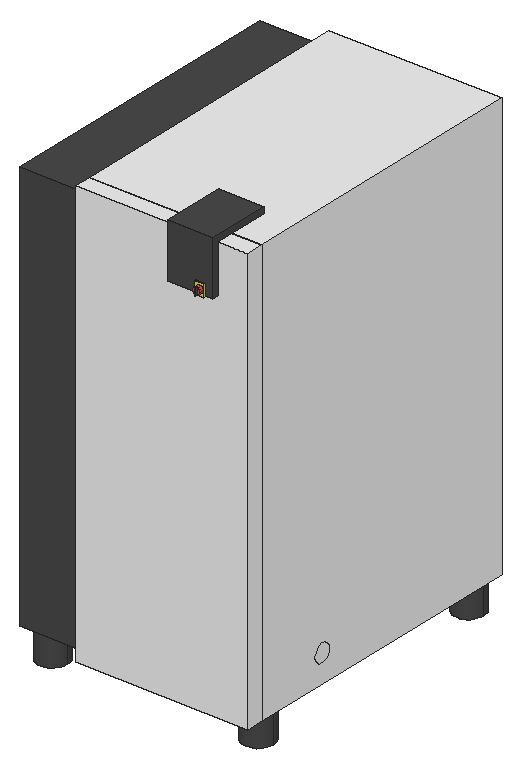
Revit family "HOSPITAIR G - MVX 4-5 - MVA 9 - MVB 12-16 - MVC 19-23", category Equipement spécialisé, Revit 2018
Family settings
  Cote de connecteur circulaire = Utiliser le diamètre
  Type d'élément = Normal
  Basée sur le plan de construction = Non
  Toujours verticalement = Oui
  Couper avec des vides une fois chargée = Non
  Partagée = Non
  Point de calcul de pièce = Non
Parameters (values of type "MVC 19")
  Zone_Maintenance_Hauteur = 0 mm
  Zone_Maintenance_Gauche = 1000 mm
  Zone_Maintenance_Droite = 1000 mm
  Zone_Maintenance_Avant = 1000 mm
  Zone_Maintenance_Arrière = 200 mm
  ZONE_MAINTENANCE = no
  TERRE = yes
  TENSION_ALIM = 400 V  # constant formula
  Rayon_Plaque_Connecteur_Sortie_Air = DIAM_REFOUL_AIR / 2  # 16 mm
  Rayon_Plaque_Connecteur_Elec = Diametre_Plaque_Connecteur_Elec / 2  # 29 mm
  Profondeur_Globale_Compresseur = 1110 mm
  PUISS_ELECT_X = 18.5 kW
  PUISS_APPARENTE_X = PUISS_ELECT_X / COS_PHI  # 20555.6 VA
  PROTEC_ELECT_X = "Disjoncteur coube D - 63 A"
  POIDS(Kg) = 505 mm
  NIVEAU_SONORE(dB(A)) = 69
  NEUTRE = no
  NBR_POLES = 3
  Modèle = "HOSPITAIR G - 11 bar - MVC 19"
  Longueur_Ecran = 190 mm
  Lien espace client = "https://www.mils.fr/en/customers-area/"
  Largeur_Porte = 570 mm
  Largeur_Globale_Compresseur = 800 mm
  Largeur_Gaine_Rejet = 646 mm
  Largeur_Ecran = 150 mm
  LONGUEUR = Profondeur_Globale_Compresseur  # 1110 mm
  LARGEUR = Largeur_Globale_Compresseur  # 800 mm
  Hauteur_Pieds = 100 mm
  Hauteur_Hors_Ecran = 1510 mm
  Hauteur_Globale_Compresseur = 1530 mm
  Hauteur_Gaine_Rejet = 262 mm
  Hauteur_Ecran = 180 mm
  Hauteur_Bouton = 1380 mm
  Hauteur_Bloc_Gaine = Hauteur_Hors_Ecran - 50 mm  # 1460 mm
  Hauteur_Bas_Ecran = Hauteur_Globale_Compresseur - Hauteur_Ecran  # 1350 mm
  HAUTEUR = Hauteur_Globale_Compresseur  # 1530 mm
  Fabricant = "MIL'S"
  FREQUENCE = 50 Hz  # constant formula
  Epaisseur_Porte = 58 mm
  Epaisseur_Plaque_Gaine = Hauteur_Bloc_Gaine - 10 mm  # 1450 mm
  Epaisseur_Gaine_Rejet = 22 mm
  Epaisseur_Ecran = 20 mm
  Entraxe_Pieds_2 = 870 mm
  Entraxe_Pieds_1 = 680 mm
  Rayon_Pieds = 50 mm
  Diametre_Plaque_Connecteur_Elec = 58 mm
  Decalage_vertical_connecteur_sortie_Air = 850 mm
  Decalage_vertical_connecteur_elec = 193 mm
  Decalage_horizontal_connecteur_sortie_Air = 56 mm
  Decalage_horizontal_connecteur_elec = 742 mm
  Decalage_Vertical_Grille_Gaine_Rejet = 32 mm
  Decalage_Pieds_Compresseur = 60 mm
  Decalage_Horizontal_Grille_Gaine_Rejet = 326 mm
  Decalage_Gaine_Bloc = Largeur_Globale_Compresseur - Largeur_Porte  # 230 mm
  Decalage_Ecran_Bord = 100 mm
  Decalage_Bouton_Bord = 110 mm
  Debit_ventilation_air = 4000.0 m³/h
  Debit_refoulement_air = 179.0 m³/h
  Debit_aspiration_air = Debit_ventilation_air + Debit_refoulement_air  # 4179.0 m³/h
  DOUBLE_ALIMENTATION = no
  DIAM_REFOUL_AIR = 32 mm
  DIAM_ASPI_AIR = 0 mm
  DESCR_VENTIL_AIR = "Ventilation Air ; 4000 m3/h ; 870 x 680 mm ;"
  DESCR_RESERV = ""
  DESCR_REFOUL = "Refoulement Air ; 179 m3/h ; G 1\"1/4 MAL"
  DESCR_ASPI = "Aspiration Air ; 4179m3/h"
  DESCR_ALIM_X = "Alimentation X ; 4G10mm²"
  DEGAG_CALORIFIQUE(kJ/h) = ""
  COS_PHI = 0.9  # constant formula
Types (8, lengths in mm): name | Zone_Maintenance_Gauche | Zone_Maintenance_Droite | Zone_Maintenance_Avant | ZONE_MAINTENANCE | Rayon_Plaque_Connecteur_Sortie_Air | Rayon_Plaque_Connecteur_Elec | Profondeur_Globale_Compresseur | PUISS_ELECT_X | PUISS_APPARENTE_X | PROTEC_ELECT_X | POIDS(Kg) | NIVEAU_SONORE(dB(A)) | Modèle | Largeur_Porte | Largeur_Globale_Compresseur | Largeur_Gaine_Rejet | LONGUEUR | LARGEUR | Hauteur_Hors_Ecran | Hauteur_Globale_Compresseur | Hauteur_Gaine_Rejet | Hauteur_Bouton | Hauteur_Bloc_Gaine | Hauteur_Bas_Ecran | HAUTEUR | Epaisseur_Porte | Epaisseur_Plaque_Gaine | Entraxe_Pieds_2 | Entraxe_Pieds_1 | Diametre_Plaque_Connecteur_Elec | Decalage_vertical_connecteur_sortie_Air | Decalage_vertical_connecteur_elec | Decalage_horizontal_connecteur_sortie_Air | Decalage_horizontal_connecteur_elec | Decalage_Vertical_Grille_Gaine_Rejet | Decalage_Horizontal_Grille_Gaine_Rejet | Decalage_Gaine_Bloc | Debit_ventilation_air | Debit_refoulement_air | Debit_aspiration_air | DIAM_REFOUL_AIR | DESCR_VENTIL_AIR | DESCR_REFOUL | DESCR_ASPI | DESCR_ALIM_X
  (no name) | 1000 | 1000 | 1000 | no | 16 | 29 | 1110 | 18.5 kW | 20555.6 VA | "Disjoncteur coube D - 63 A" | 505 | 69 | "HOSPITAIR G - 11 bar - MVC 19" | 570 | 800 | 646 | 1110 | 800 | 1510 | 1530 | 262 | 1380 | 1460 | 1350 | 1530 | 58 | 1450 | 870 | 680 | 58 | 850 | 193 | 56 | 742 | 32 | 326 | 230 | 4000.0 m³/h | 179.0 m³/h | 4179.0 m³/h | 32 | "Ventilation Air ; 4000 m3/h ; 870 x 680 mm ;" | "Refoulement Air ; 179 m3/h ; G 1\"1/4 MAL" | "Aspiration Air ; 4179m3/h" | "Alimentation X ; 4G10mm²"
  MVX 4 | 800 | 800 | 800 | no | 10 | 16.5 | 632 | 4 kW | 4444.44 VA | "Disjoncteur coube D - 16 A" | 145 | 62 | "HOSPITAIR G - 11 bar - MVX 4" | 385 | 590 | 504 | 632 | 590 | 950 | 970 | 108 | 850 | 900 | 790 | 970 | 40 | 890 | 430 | 470 | 33 | 522 | 174 | 43 | 515 | 22 | 22 | 205 | 1000.0 m³/h | 28.8 m³/h | 1028.8 m³/h | 20 | "Ventilation Air ; 1000 m3/h ;" | "Refoulement Air ; 28.8 m3/h ; G 3/4\" MAL" | "Aspiration Air ; 1028.8m3/h" | "Alimentation X ; 4G2.5mm²"
  MVX 5 | 800 | 800 | 800 | no | 10 | 16.5 | 632 | 5.5 kW | 6111.11 VA | "Disjoncteur coube D - 16 A" | 155 | 64 | "HOSPITAIR G - 11 bar - MVX 5" | 385 | 590 | 504 | 632 | 590 | 950 | 970 | 108 | 850 | 900 | 790 | 970 | 40 | 890 | 430 | 470 | 33 | 522 | 174 | 43 | 515 | 22 | 22 | 205 | 1300.0 m³/h | 40.2 m³/h | 1340.2 m³/h | 20 | "Ventilation Air ; 1300 m3/h ;" | "Refoulement Air ; 40.2 m3/h ; G 3/4\" MAL" | "Aspiration Air ; 1340.2m3/h" | "Alimentation X ; 4G2.5mm²"
  MVA 9 | 1000 | 1000 | 1000 | yes | 10 | 20.5 | 790 | 7.5 kW | 8333.33 VA | "Disjoncteur coube D - 25 A" | 240 | 65 | "HOSPITAIR G - 11 bar - MVA 9" | 430 | 630 | 658 | 790 | 630 | 1080 | 1100 | 130 | 950 | 1030 | 920 | 1100 | 50 | 1020 | 578 | 510 | 41 | 578 | 190 | 47 | 647 | 20 | 22 | 200 | 2100.0 m³/h | 65.0 m³/h | 2165.0 m³/h | 20 | "Ventilation Air ; 2100 m3/h ;" | "Refoulement Air ; 65 m3/h ; G 3/4\" MAL" | "Aspiration Air ; 2165m3/h" | "Alimentation X ; 4G2.5mm²"
  MVB 12 | 1000 | 1000 | 1000 | yes | 12.5 | 20.5 | 895 | 11 kW | 12222.2 VA | "Disjoncteur coube D - 32 A" | 312 | 66 | "HOSPITAIR G - 11 bar - MVB 12" | 574 | 750 | 768 | 895 | 750 | 1240 | 1260 | 152 | 1110 | 1190 | 1080 | 1260 | 48 | 1180 | 685 | 630 | 41 | 605 | 177 | 47 | 689 | 25 | 22 | 176 | 2500.0 m³/h | 101.0 m³/h | 2601.0 m³/h | 25 | "Ventilation Air ; 2500 m3/h ; 768 x 152 mm ;" | "Refoulement Air ; 101 m3/h ; G 1\" MAL" | "Aspiration Air ; 2601m3/h" | "Alimentation X ; 4G6mm²"
  MVB 16 | 1000 | 1000 | 1000 | no | 12.5 | 20.5 | 895 | 15 kW | 16666.7 VA | "Disjoncteur coube D - 40 A" | 320 | 67 | "HOSPITAIR G - 11 bar - MVB 16" | 574 | 750 | 768 | 895 | 750 | 1240 | 1260 | 152 | 1110 | 1190 | 1080 | 1260 | 48 | 1180 | 685 | 630 | 41 | 605 | 177 | 47 | 689 | 25 | 22 | 176 | 3000.0 m³/h | 127.0 m³/h | 3127.0 m³/h | 25 | "Ventilation Air ; 3000 m3/h ; 768 x 152 mm ;" | "Refoulement Air ; 127 m3/h ; G 1\" MAL" | "Aspiration Air ; 3127m3/h" | "Alimentation X ; 4G6mm²"
  MVC 19 | 1000 | 1000 | 1000 | no | 16 | 29 | 1110 | 18.5 kW | 20555.6 VA | "Disjoncteur coube D - 63 A" | 505 | 69 | "HOSPITAIR G - 11 bar - MVC 19" | 570 | 800 | 646 | 1110 | 800 | 1510 | 1530 | 262 | 1380 | 1460 | 1350 | 1530 | 58 | 1450 | 870 | 680 | 58 | 850 | 193 | 56 | 742 | 32 | 326 | 230 | 4000.0 m³/h | 179.0 m³/h | 4179.0 m³/h | 32 | "Ventilation Air ; 4000 m3/h ; 870 x 680 mm ;" | "Refoulement Air ; 179 m3/h ; G 1\"1/4 MAL" | "Aspiration Air ; 4179m3/h" | "Alimentation X ; 4G10mm²"
  MVC 23 | 1000 | 1000 | 1000 | no | 16 | 29 | 1110 | 22 kW | 24444.4 VA | "Disjoncteur coube D - 63 A" | 525 | 71 | "HOSPITAIR G - 11 bar - MVC 23" | 570 | 800 | 646 | 1110 | 800 | 1510 | 1530 | 262 | 1380 | 1460 | 1350 | 1530 | 58 | 1450 | 870 | 680 | 58 | 850 | 193 | 56 | 742 | 32 | 326 | 230 | 5000.0 m³/h | 210.0 m³/h | 5210.0 m³/h | 32 | "Ventilation Air ; 5000 m3/h ; 646 x 262 mm ;" | "Refoulement Air ; 210 m3/h ; G 1\"1/4 MAL" | "Aspiration Air ; 5210 m3/h" | "Alimentation X ; 4G10mm²"
Reference planes
  plane 1 "Centre (avant/arrière)": y = 0
  plane 2: z = 0
  plane 3 "Centre (gauche/droite)": x = 0
  plane 4: x = -340
  plane 5: y = 435
  plane 6: x = 340
  plane 7: y = -435
  plane 8: x = -400
  plane 9: x = 400
  plane 10: y = -495
  plane 11: y = 495
  plane 12: x = -170
  plane 13: y = -553
  plane 14: y = 463
  plane 15: x = -74
  plane 16: x = 188
  plane 17: y = -183
  plane 18: x = -229
  plane 19: y = -615
  plane 20: z = 850
  plane 21: x = 344
  plane 22: z = 193
  plane 23: y = -247
  plane 24: z = 1530
  plane 25: x = 1400
  plane 26: x = -1400
  plane 27: y = -1615
  plane 28: y = 695
  plane 29: z = 1530
Forms (mm)
  Extrusion 1, solid, material "Plastique, noir opaque"
    sketch origin (0, 0, 0) x (1, 0, 0) y (0, 1, 0)
      loop
        circle (-340, 435) r 50
      loop
        circle (340, 435) r 50
      loop
        circle (340, -435) r 50
      loop
        circle (-340, -435) r 50
    from 0 to 100 <- "Hauteur_Pieds"
  Extrusion 2, solid, material "Aluminium - Laqué, Blanc"
    sketch origin (0, 0, 0) x (1, 0, 0) y (0, 1, 0)
      loop
        line (-170, -495) -> (400, -495) -> (400, 495) -> (-170, 495) -> (-170, -495)
    from 100 <- "Hauteur_Pieds" to 1510 <- "Hauteur_Hors_Ecran"
  Extrusion 3, solid, material "Plastique, noir opaque"
    sketch origin (0, 0, 0) x (1, 0, 0) y (0, 1, 0)
      loop
        line (-400, 495) -> (-400, -495) -> (-170, -495) -> (-170, 495) -> (-400, 495)
    from 100 <- "Hauteur_Pieds" to 1460 <- "Hauteur_Bloc_Gaine"
  Extrusion 4, solid, material "Aluminium - Laqué, Blanc"
    sketch origin (0, 0, 0) x (1, 0, 0) y (0, 1, 0)
      loop
        line (-170, -495) -> (-170, -553) -> (400, -553) -> (400, -495) -> (-170, -495)
    from 100 <- "Hauteur_Pieds" to 1510 <- "Hauteur_Hors_Ecran"
  Extrusion 5, solid, material "Plastique, noir opaque"
    sketch origin (0, 0, 0) x (1, 0, 0) y (0, 1, 0)
      loop
        line (300, -363) -> (150, -363) -> (150, -553) -> (300, -553) -> (300, -363)
    from 1510 <- "Hauteur_Hors_Ecran" to 1530 <- "Hauteur_Globale_Compresseur"
  Extrusion 6, solid, material "Plastique, noir opaque"
    sketch origin (0, 0, 0) x (1, 0, 0) y (0, 1, 0)
      loop
        line (300, -553) -> (150, -553) -> (150, -573) -> (300, -573) -> (300, -553)
    from 1350 <- "Hauteur_Bas_Ecran" to 1530 <- "Hauteur_Globale_Compresseur"
  Extrusion 7, solid, material "ZONE_MAINTENANCE", visible <- "ZONE_MAINTENANCE"
    sketch origin (-75.285, -41, 0) x (1, 0, 0) y (0, 1, 0)
      loop
        line (-1324.715, 736) -> (-1324.715, -1574) -> (1475.285, -1574) -> (1475.285, 736) -> (-1324.715, 736)
    from 0 to 1530
  Extrusion 8, solid, material "Plastique, noir opaque"
    sketch origin (0, 0, 0) x (1, 0, 0) y (0, 1, 0)
      loop
        line (-74, 463) -> (-74, -183) -> (188, -183) -> (188, 463) -> (-74, 463)
    from 1450 <- "Epaisseur_Plaque_Gaine" to 1460 <- "Hauteur_Bloc_Gaine"
  Extrusion 9, solid, material "Aluminium - Laqué, Blanc"
    sketch origin (0, 0, 0) x (1, 0, 0) y (0, 0, 1)
      loop
        circle (344, 850) r 16
    from -463 to -495
  Extrusion 10, solid, material "Aluminium - Laqué, Blanc"
    sketch origin (0, 0, 0) x (0, 1, 0) y (0, 0, 1)
      loop
        circle (-247, 193) r 29
    from 340 to 400
Cuts and joins
  joined: Extrusion 5, Extrusion 6
Dimensions and locks
  equal spacing: plane 4, plane 3 "Centre (gauche/droite)", plane 6
  equal spacing: plane 5, plane 1 "Centre (avant/arrière)", plane 7
  "Entraxe_Pieds_1": plane 4 to plane 6
  "Entraxe_Pieds_2": plane 5 to plane 7
  "Decalage_Pieds_Compresseur": plane 11 to plane 5
  "Decalage_Pieds_Compresseur": plane 8 to plane 4
  "Decalage_Pieds_Compresseur": plane 6 to plane 9
  "Decalage_Pieds_Compresseur": plane 7 to plane 10
  plane 8 to plane 9 = 800 mm
  "Decalage_Gaine_Bloc": plane 8 to plane 12
  "Epaisseur_Porte": plane 10 to plane 13
  "Largeur_Porte": plane 12 to Extrusion 4 sketch curve
  "Largeur_Ecran": Extrusion 5 sketch curve to Extrusion 5 sketch curve
  "Decalage_Ecran_Bord": Extrusion 5 sketch curve to plane 9
  "Longueur_Ecran": Extrusion 5 sketch curve to plane 13
  "Epaisseur_Ecran": plane 13 to Extrusion 6 sketch curve
  "Decalage_Bouton_Bord": plane 9 to nested 1
  "Profondeur_Globale_Compresseur": plane 11 to plane 19
  "Decalage_vertical_connecteur_sortie_Air": plane 2 to plane 20
  "Decalage_horizontal_connecteur_sortie_Air": plane 9 to plane 21
  "Decalage_vertical_connecteur_elec": plane 22 to level
  "Decalage_horizontal_connecteur_elec": plane 23 to plane 11
  "Hauteur_Globale_Compresseur": plane 29 to level
  "Zone_Maintenance_Hauteur": plane 24 to plane 29
  "Zone_Maintenance_Avant": plane 19 to plane 27
  "Zone_Maintenance_Gauche": plane 26 to plane 8
  "Zone_Maintenance_Droite": plane 9 to plane 25
  "Zone_Maintenance_Arrière": plane 28 to plane 11
  "Largeur_Gaine_Rejet": plane 14 to plane 17
  "Hauteur_Gaine_Rejet": plane 15 to plane 16
  "Decalage_Horizontal_Grille_Gaine_Rejet": plane 8 to plane 15
  "Decalage_Vertical_Grille_Gaine_Rejet": plane 11 to plane 14
  "Rayon_Pieds": radius of Extrusion 1 sketch curve  (x4)
  "Rayon_Plaque_Connecteur_Sortie_Air": radius of Extrusion 9 sketch curve
  "Rayon_Plaque_Connecteur_Elec": radius of Extrusion 10 sketch curve
  aligned and locked: level to plane 2
  aligned and locked: Extrusion 2 sketch curve to plane 10
  aligned and locked: Extrusion 2 sketch curve to plane 12
  aligned and locked: plane 11 to Extrusion 2 sketch curve
  aligned and locked: Extrusion 2 sketch curve to plane 9
  aligned and locked: Extrusion 3 sketch curve to plane 11
  aligned and locked: Extrusion 3 sketch curve to plane 8
  aligned and locked: Extrusion 3 sketch curve to Extrusion 2
  aligned and locked: plane 10 to Extrusion 3 sketch curve
  aligned and locked: Extrusion 4 sketch curve to plane 12
  aligned and locked: Extrusion 4 sketch curve to plane 13
  aligned and locked: Extrusion 4 sketch curve to plane 10
  aligned and locked: Extrusion 5 sketch curve to plane 13
  aligned and locked: Extrusion 5 to Extrusion 6 sketch curve
  aligned and locked: Extrusion 6 sketch curve to Extrusion 5
  aligned and locked: plane 13 to Extrusion 6 sketch curve
  aligned and locked: nested 1 to plane 19
  aligned and locked: plane 14 to Extrusion 8 sketch curve
  aligned and locked: plane 15 to Extrusion 8 sketch curve
  aligned and locked: Extrusion 8 sketch curve to plane 17
  aligned and locked: Extrusion 8 sketch curve to plane 16
  aligned and locked: plane 11 to Extrusion 9
  aligned and locked: Extrusion 9 to plane 14
  aligned and locked: plane 9 to Extrusion 10
  aligned and locked: Extrusion 10 to plane 6
  aligned and locked: Extrusion 7 to plane 24
  aligned and locked: Extrusion 7 to plane 27
  aligned and locked: Extrusion 7 to plane 26
  aligned and locked: plane 25 to Extrusion 7
  aligned and locked: Extrusion 7 to plane 28
Automatic sketch dimensions
  Extrusion 1 sketch curve to plane 4 = 0 mm  (x2)
  Extrusion 1 sketch curve to plane 6 = 0 mm  (x2)
  Extrusion 1 sketch curve to plane 5 = 0 mm  (x2)
  Extrusion 1 sketch curve to plane 7 = 0 mm  (x2)
  Extrusion 7 sketch curve to plane 8 = 1000 mm
  plane 9 to Extrusion 7 sketch curve = 1000 mm
  Extrusion 7 sketch curve to plane 19 = 1000 mm
  plane 11 to Extrusion 7 sketch curve = 200 mm
  Extrusion 9 sketch curve to plane 20 = 0 mm
  plane 21 to Extrusion 9 sketch curve = 0 mm
  Extrusion 10 sketch curve to plane 22 = 0 mm
  Extrusion 10 sketch curve to plane 23 = 0 mm
Nested families
  nested 1: "Bouton_Arret_Urgence" at (275, -593, 1380), built-in parameter 1001364 <- "Hauteur_Bouton", type "Bouton_Arret_Urgence"
Connectors
  hvac at (57, 140, 1460), driven by "Hauteur_Gaine_Rejet", driven by "Largeur_Gaine_Rejet", driven by "Debit_ventilation_air", driven by "DESCR_VENTIL_AIR"
    settings: on Extrusion 8, index 5, duct flow 4000.0 m³/h, flow factor 0, pres drop 0.0 Pa, loss coef 0, conn angle 0.00°, conn width 646 mm, conn height 262 mm, conn diameter 609.6 mm, duct sys type 1, conn prof type 1, flow config 0, flow direction 2, loss method 0, conn ref index -1, conn util yes, is conn primary yes, conn desc "Ventilation Air ; 4000 m3/h ; 870 x 680 mm ;"
  piping at (344, 495, 850), diameter 32, driven by "DIAM_REFOUL_AIR", driven by "Debit_refoulement_air", driven by "DESCR_REFOUL"
    settings: on Extrusion 9, index 6, connector inside diameter 609.6 mm, connector length 0 mm, flow factor 0, pipe flow 179.0 m³/h, pressure drop 0.0 Pa, fitting loss kfactor 0, connector angle 0.00°, fixture units 0, engagement length 0 mm, angle of deflection 0.00°, flow configuration 0, flow direction 2, fitting loss method 0, system type 22, joint type 0, gender type 0, connector reference index -1, connector utility 1, adjustable connector no, is connector primary yes, connector description "Refoulement Air ; 179 m3/h ; G 1\"1/4 MAL"
  electrical at (400, -247, 193), driven by "NBR_POLES", driven by "TENSION_ALIM", driven by "PUISS_APPARENTE_X", driven by "DESCR_ALIM_X"
    settings: on Extrusion 10, index 7, voltage 400 V, apparent load 20555.6 VA, apparent load phase1 0 VA, apparent load phase2 0 VA, apparent load phase3 0 VA, power factor 1, load classification "Moteur", number of poles 3, system type 30, power factor state 1, is connector primary yes, connector utility yes, sub classification motor no, connector description "Alimentation X ; 4G10mm²"
Definition of nested family "Bouton_Arret_Urgence"
  Parameters (values of type "Bouton_Arret_Urgence")
    Rayon_Bouton = 12 mm
    Largeur_Platine = 30 mm
    Hauteur_Platine = 40 mm
    Epaisseur_Platine = 4 mm
    Epaisseur_Bouton = Epaisseur_Platine + 5 mm  # 9 mm
  Reference planes
    plane 1 "Centre (avant/arrière)": y = 0
    plane 2: z = 0
    plane 3 "Centre (gauche/droite)": x = 0
  Forms (mm)
    Extrusion 1, solid
      sketch origin (0, 0, 0) x (1, 0, 0) y (0, 0, 1)
        loop
          line (-15, 20) -> (-15, -20) -> (15, -20) -> (15, 20) -> (-15, 20)
      from 0 to 4 <- "Epaisseur_Platine"
    Extrusion 2, solid
      sketch origin (0, 0, 0) x (1, 0, 0) y (0, 0, 1)
        loop
          circle (0, 0) r 12
      from 4 <- "Epaisseur_Platine" to 16
    Extrusion 3, solid
      sketch origin (0, 0, 0) x (1, 0, 0) y (0, 0, 1)
        loop
          line (-1.5, 11.5) -> (-1.5, -11.5) -> (1.5, -11.5) -> (1.5, 11.5) -> (-1.5, 11.5)
      from 16 to 22
  Dimensions and locks
    equal spacing: Extrusion 1 sketch curve, plane 3 "Centre (gauche/droite)", Extrusion 1 sketch curve
    "Largeur_Platine": Extrusion 1 sketch curve to Extrusion 1 sketch curve
    Extrusion 1 sketch curve to Extrusion 1 sketch curve = 40 mm
    "Hauteur_Platine": Extrusion 1 sketch curve to Extrusion 1 sketch curve
    "Rayon_Bouton": radius of Extrusion 2 sketch curve
    aligned and locked: level to plane 2
  Automatic sketch dimensions
    Extrusion 2 sketch curve to level = 0 mm
    Extrusion 2 sketch curve to plane 3 "Centre (gauche/droite)" = 0 mm
    Extrusion 3 sketch curve to plane 3 "Centre (gauche/droite)" = 1.5 mm
    plane 3 "Centre (gauche/droite)" to Extrusion 3 sketch curve = 1.5 mm
    Extrusion 3 sketch curve to level = 11.5 mm
    level to Extrusion 3 sketch curve = 11.5 mm
